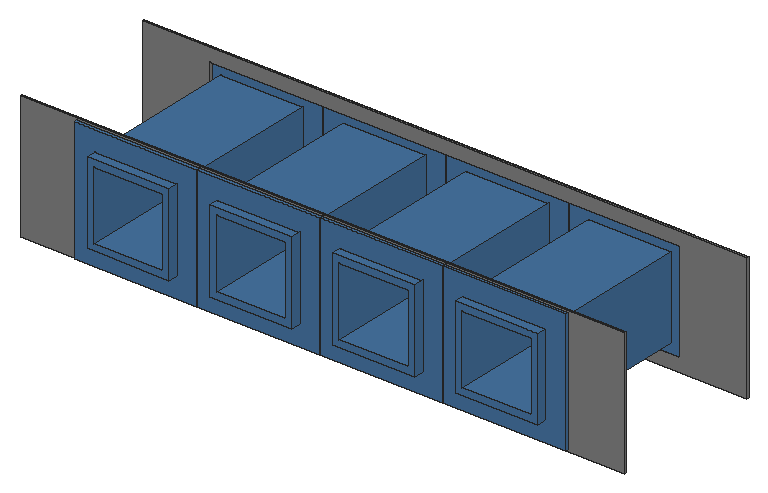
Revit family "Acoustical-EZPath-STI-EZ_Path_Series_33_Smoke_and_Acoustical_for_Walls", category Specialty Equipment, host Wall, Revit 2026
Family settings
  Host = Wall
  Round Connector Dimension = Use Diameter
  Part Type = Normal
  Enable Cutting in Views = No
  Always vertical = Yes
  Cut with Voids When Loaded = No
  Maintain Annotation Orientation = No
  Shared = No
  Room Calculation Point = No
Parameters
  center line 4 and 3 = 7.3125"
  Wall Thickness [instance] = 6.0000"
  Wall Opening Width = 18.6250"
  Wall Opening Height = 4.0000"
  Wall Opening Center Width = 2.0000"
  URL = "https://www.stifirestop.com/"
  Safety Data Sheet = "https://files.stifirestop.com/5.%20Safety%20Data%20Sheet/1.%20English/SDS_EZ-Path%20Smoke%20&%20Acoustical%20Pathway%20(Non-Rated).pdf"
  Retaining Plate = Acoustic-STI-EZPath-EZPath_Smoke_and_Acoustic_Plate
  Region = ""
  Product Page = "https://www.stifirestop.com/products/nez/"
  Product Data Sheet = "https://files.stifirestop.com/4.%20Product%20Data%20Sheets/1.%20English/PDS_EZ-Path%20Smoke%20&%20Acoustical%20Pathway%20(Non-Rated).pdf"
  Plate Width = 24.0000"
  Plate Height = 5.0000"
  Plate Edge Center Width = 12.0000"
  No. of Devices = 4
  Mouting Plate = No. of Devices > 1  # yes
  Model No. (Device) = ""
  Model No. (Complete Kit) = ""
  Model No. (Brackets) = ""
  Model = "EZ-Path Series 33 Smoke & Acoustical Pathway"
  Manufacturer Phone No. = "800.992.1180"
  Manufacturer Address = "210 Evans Way, Somerville, NJ 08876"
  Manufacturer = "Specified Technologies, Inc."
  Installation Instructions = "https://files.stifirestop.com/8.%20Install%20Sheets/1.%20EZ-Path/ZIS1086_EZ-Path%20Smoke%20and%20Acoustical%20Device.pdf"
  Fire Rating = "No Fire Rating"
  EZ-Path Face Plate = 59.8750"
  EZ-Path Device = Acoustic-STI-EZPath-EZPath_Smoke_and_Acoustic_Device_Blue
  EZ-Path Corner = 0.5000"
  EZ-Path Center of Gang = 2.4375"
  Device4 = No. of Devices > 3  # yes
  Device3 = No. of Devices > 2  # yes
  Device2 = No. of Devices > 1  # yes
  Device1 = No. of Devices > 0  # yes
  Default Elevation = 0.0000"
  Contact Technical Service = "TechServ@stifirestop.com"
  Assembly Code = "C3030210"
Reference planes (in)
  plane 1: y = 0
  plane 2 "Center (Left/Right)": x = 0
  plane 3 "Back": y = 3
  plane 4: x = 9.3125
  plane 5: x = -9.3125
  plane 6: z = 75.10297
  plane 7: z = 71.10297
  plane 8: z = 73.10297
  plane 9: x = 12
  plane 10: x = -12
  plane 11: z = 75.60297
  plane 12: z = 70.60297
  plane 13: y = 3.0625
  plane 14: y = -3.0625
  plane 15: x = 4.875
  plane 16: x = -4.875
  plane 17: x = 9.75
  plane 18: x = -9.75
  plane 19: z = 75.54047
  plane 20: z = 70.66547
  plane 21: y = 3.1875
  plane 22: y = -3.1875
  plane 23: x = 7.3125
  plane 24: x = 2.4375
  plane 25: x = -2.4375
  plane 26: x = -7.3125
  plane 27: x = 8.9375
  plane 28: x = 5.6875
  plane 29: x = 4.0625
  plane 30: x = 0.8125
  plane 31: x = -0.8125
  plane 32: x = -4.0625
  plane 33: x = -5.6875
  plane 34: x = -8.9375
  plane 35: z = 74.72797
  plane 36: z = 71.47797
  plane 37: y = 3.5625
  plane 38: y = -3.5625
  plane 39: z = 74.47797
  plane 40: z = 71.72797
  plane 41: x = 8.6875
  plane 42: x = 5.9375
  plane 43: x = 3.8125
  plane 44: x = 1.0625
  plane 45: x = -5.9375
  plane 46: x = -8.6875
  plane 47: x = -1.0625
  plane 48: x = -3.8125
  plane 49: x = 0
  plane 50: x = 4.875
  plane 51: x = -4.875
Forms (in)
  Extrusion 1, solid, material "Acoustic-STI-EZPath-EZPath_Smoke_and_Acoustic_Plate" <- "Retaining Plate", visible <- "Mouting Plate", detail levels fine
    sketch origin (55, 3, 0) x (1, 0, 0) y (0, 0, 1)
      loop
        line (-43, 75.60297) -> (-67, 75.60297) -> (-67, 70.60297) -> (-43, 70.60297) -> (-43, 75.60297)
    from -0.0625 to 0
  Extrusion 2, solid, material "Acoustic-STI-EZPath-EZPath_Smoke_and_Acoustic_Plate" <- "Retaining Plate", visible <- "Mouting Plate", detail levels fine
    sketch origin (55, 3, 0) x (1, 0, 0) y (0, 0, 1)
      loop
        line (-43, 75.60297) -> (-67, 75.60297) -> (-67, 70.60297) -> (-43, 70.60297) -> (-43, 75.60297)
    from 6 to 6.0625
  Extrusion 3, void
    sketch origin (55, 3, 0) x (1, 0, 0) y (0, 0, 1)
      loop
        line (-45.6875, 71.10297) -> (-45.6875, 75.10297) -> (-64.3125, 75.10297) -> (-64.3125, 71.10297) -> (-45.6875, 71.10297)
    from 6 to 6.1875
  Extrusion 4, void
    sketch origin (55, 3, 0) x (1, 0, 0) y (0, 0, 1)
      loop
        line (-45.6875, 71.10297) -> (-45.6875, 75.10297) -> (-64.3125, 75.10297) -> (-64.3125, 71.10297) -> (-45.6875, 71.10297)
    from -0.0625 to 0
  Extrusion 5, solid, material "Acoustic-STI-EZPath-EZPath_Smoke_and_Acoustic_Device_Blue" <- "EZ-Path Device", visible <- "Device2"
    sketch origin (0, 3, 0) x (1, 0, 0) y (0, 0, 1)
      loop
        line (0, 70.66547) -> (0, 75.54047) -> (-4.875, 75.54047) -> (-4.875, 70.66547) -> (0, 70.66547)
    from 6.0625 to 6.1875
  Extrusion 6, void
    sketch origin (0, 3, 0) x (1, 0, 0) y (0, 0, 1)
      loop
        line (-0.8125, 71.47797) -> (-0.8125, 74.72797) -> (-4.0625, 74.72797) -> (-4.0625, 71.47797) -> (-0.8125, 71.47797)
    from 6.0625 to 6.1875
  Extrusion 7, solid, material "Acoustic-STI-EZPath-EZPath_Smoke_and_Acoustic_Device_Blue" <- "EZ-Path Device", visible <- "Device2"
    sketch origin (0, 3, 0) x (1, 0, 0) y (0, 0, 1)
      loop
        line (0, 70.66547) -> (0, 75.54047) -> (-4.875, 75.54047) -> (-4.875, 70.66547) -> (0, 70.66547)
    from -0.1875 to -0.0625
  Extrusion 8, void
    sketch origin (0, 3, 0) x (1, 0, 0) y (0, 0, 1)
      loop
        line (-0.8125, 71.47797) -> (-0.8125, 74.72797) -> (-4.0625, 74.72797) -> (-4.0625, 71.47797) -> (-0.8125, 71.47797)
    from -0.1875 to -0.0625
  Extrusion 9, solid, material "Acoustic-STI-EZPath-EZPath_Smoke_and_Acoustic_Device_Blue" <- "EZ-Path Device", visible <- "Device2"
    sketch origin (0, 3, 0) x (1, 0, 0) y (0, 0, 1)
      loop
        line (-0.8125, 71.47797) -> (-0.8125, 74.72797) -> (-4.0625, 74.72797) -> (-4.0625, 71.47797) -> (-0.8125, 71.47797)
    from -0.5625 to 6.5625
  Extrusion 10, void
    sketch origin (0, 3, 0) x (1, 0, 0) y (0, 0, 1)
      loop
        line (-1.0625, 71.72797) -> (-1.0625, 74.47797) -> (-3.8125, 74.47797) -> (-3.8125, 71.72797) -> (-1.0625, 71.72797)
    from -0.5625 to 6.5625
  Extrusion 11, solid, material "Acoustic-STI-EZPath-EZPath_Smoke_and_Acoustic_Device_Blue" <- "EZ-Path Device", visible <- "Device1"
    sketch origin (0, 3, 0) x (1, 0, 0) y (0, 0, 1)
      loop
        line (4.875, 70.66547) -> (4.875, 75.54047) -> (0, 75.54047) -> (0, 70.66547) -> (4.875, 70.66547)
    from 6.0625 to 6.1875
  Extrusion 12, void
    sketch origin (0, 3, 0) x (1, 0, 0) y (0, 0, 1)
      loop
        line (4.0625, 71.47797) -> (4.0625, 74.72797) -> (0.8125, 74.72797) -> (0.8125, 71.47797) -> (4.0625, 71.47797)
    from 6.0625 to 6.1875
  Extrusion 13, solid, material "Acoustic-STI-EZPath-EZPath_Smoke_and_Acoustic_Device_Blue" <- "EZ-Path Device", visible <- "Device1"
    sketch origin (0, 3, 0) x (1, 0, 0) y (0, 0, 1)
      loop
        line (4.875, 70.66547) -> (4.875, 75.54047) -> (0, 75.54047) -> (0, 70.66547) -> (4.875, 70.66547)
    from -0.1875 to -0.0625
  Extrusion 14, void
    sketch origin (0, 3, 0) x (1, 0, 0) y (0, 0, 1)
      loop
        line (4.0625, 71.47797) -> (4.0625, 74.72797) -> (0.8125, 74.72797) -> (0.8125, 71.47797) -> (4.0625, 71.47797)
    from -0.1875 to -0.0625
  Extrusion 15, solid, material "Acoustic-STI-EZPath-EZPath_Smoke_and_Acoustic_Device_Blue" <- "EZ-Path Device", visible <- "Device1"
    sketch origin (0, 3, 0) x (1, 0, 0) y (0, 0, 1)
      loop
        line (4.0625, 71.47797) -> (4.0625, 74.72797) -> (0.8125, 74.72797) -> (0.8125, 71.47797) -> (4.0625, 71.47797)
    from -0.5625 to 6.5625
  Extrusion 16, void
    sketch origin (0, 3, 0) x (1, 0, 0) y (0, 0, 1)
      loop
        line (3.8125, 71.72797) -> (3.8125, 74.47797) -> (1.0625, 74.47797) -> (1.0625, 71.72797) -> (3.8125, 71.72797)
    from -0.5625 to 6.5625
  Extrusion 17, solid, material "Acoustic-STI-EZPath-EZPath_Smoke_and_Acoustic_Device_Blue" <- "EZ-Path Device", visible <- "Device4"
    sketch origin (0, 3, 0) x (1, 0, 0) y (0, 0, 1)
      loop
        line (-4.875, 70.66547) -> (-4.875, 75.54047) -> (-9.75, 75.54047) -> (-9.75, 70.66547) -> (-4.875, 70.66547)
    from 6.0625 to 6.1875
  Extrusion 18, void
    sketch origin (0, 3, 0) x (1, 0, 0) y (0, 0, 1)
      loop
        line (-5.6875, 71.47797) -> (-5.6875, 74.72797) -> (-8.9375, 74.72797) -> (-8.9375, 71.47797) -> (-5.6875, 71.47797)
    from 6.0625 to 6.1875
  Extrusion 19, solid, material "Acoustic-STI-EZPath-EZPath_Smoke_and_Acoustic_Device_Blue" <- "EZ-Path Device", visible <- "Device3"
    sketch origin (0, 3, 0) x (1, 0, 0) y (0, 0, 1)
      loop
        line (9.75, 70.66547) -> (9.75, 75.54047) -> (4.875, 75.54047) -> (4.875, 70.66547) -> (9.75, 70.66547)
    from -0.1875 to -0.0625
  Extrusion 20, void
    sketch origin (0, 3, 0) x (1, 0, 0) y (0, 0, 1)
      loop
        line (8.9375, 71.47797) -> (8.9375, 74.72797) -> (5.6875, 74.72797) -> (5.6875, 71.47797) -> (8.9375, 71.47797)
    from -0.1875 to -0.0625
  Extrusion 21, solid, material "Acoustic-STI-EZPath-EZPath_Smoke_and_Acoustic_Device_Blue" <- "EZ-Path Device", visible <- "Device3"
    sketch origin (0, 3, 0) x (1, 0, 0) y (0, 0, 1)
      loop
        line (9.75, 75.54047) -> (4.875, 75.54047) -> (4.875, 70.66547) -> (9.75, 70.66547) -> (9.75, 75.54047)
    from 6.0625 to 6.1875
  Extrusion 22, void
    sketch origin (0, 3, 0) x (1, 0, 0) y (0, 0, 1)
      loop
        line (8.9375, 74.72797) -> (5.6875, 74.72797) -> (5.6875, 71.47797) -> (8.9375, 71.47797) -> (8.9375, 74.72797)
    from 6.0625 to 6.1875
  Extrusion 23, solid, material "Acoustic-STI-EZPath-EZPath_Smoke_and_Acoustic_Device_Blue" <- "EZ-Path Device", visible <- "Device3"
    sketch origin (0, 3, 0) x (1, 0, 0) y (0, 0, 1)
      loop
        line (8.9375, 74.72797) -> (5.6875, 74.72797) -> (5.6875, 71.47797) -> (8.9375, 71.47797) -> (8.9375, 74.72797)
    from -0.5625 to 6.5625
  Extrusion 24, void
    sketch origin (0, 3, 0) x (1, 0, 0) y (0, 0, 1)
      loop
        line (8.6875, 74.47797) -> (5.9375, 74.47797) -> (5.9375, 71.72797) -> (8.6875, 71.72797) -> (8.6875, 74.47797)
    from -0.5625 to 6.5625
  Extrusion 25, solid, material "Acoustic-STI-EZPath-EZPath_Smoke_and_Acoustic_Device_Blue" <- "EZ-Path Device", visible <- "Device4"
    sketch origin (0, 3, 0) x (1, 0, 0) y (0, 0, 1)
      loop
        line (-4.875, 75.54047) -> (-9.75, 75.54047) -> (-9.75, 70.66547) -> (-4.875, 70.66547) -> (-4.875, 75.54047)
    from -0.1875 to -0.0625
  Extrusion 26, void
    sketch origin (0, 3, 0) x (1, 0, 0) y (0, 0, 1)
      loop
        line (-5.6875, 74.72797) -> (-8.9375, 74.72797) -> (-8.9375, 71.47797) -> (-5.6875, 71.47797) -> (-5.6875, 74.72797)
    from -0.1875 to -0.0625
  Extrusion 27, solid, material "Acoustic-STI-EZPath-EZPath_Smoke_and_Acoustic_Device_Blue" <- "EZ-Path Device", visible <- "Device4"
    sketch origin (0, 3, 0) x (1, 0, 0) y (0, 0, 1)
      loop
        line (-8.9375, 74.72797) -> (-8.9375, 71.47797) -> (-5.6875, 71.47797) -> (-5.6875, 74.72797) -> (-8.9375, 74.72797)
    from -0.5625 to 6.5625
  Extrusion 28, void
    sketch origin (0, 3, 0) x (1, 0, 0) y (0, 0, 1)
      loop
        line (-8.6875, 74.47797) -> (-8.6875, 71.72797) -> (-5.9375, 71.72797) -> (-5.9375, 74.47797) -> (-8.6875, 74.47797)
    from -0.5625 to 6.5625
Cuts and joins
  Extrusion 3, Extrusion 4 cuts Extrusion 1
  Extrusion 3, Extrusion 4 cuts Extrusion 2
  Extrusion 6, Extrusion 8, Extrusion 10 cuts Extrusion 5
  Extrusion 8 cuts Extrusion 7
  Extrusion 10 cuts Extrusion 9
  Extrusion 12, Extrusion 14, Extrusion 16 cuts Extrusion 11
  Extrusion 14 cuts Extrusion 13
  Extrusion 16 cuts Extrusion 15
  Extrusion 18, Extrusion 26, Extrusion 28 cuts Extrusion 17
  Extrusion 20 cuts Extrusion 19
  Extrusion 22, Extrusion 24 cuts Extrusion 21
  Extrusion 24 cuts Extrusion 23
  Extrusion 26 cuts Extrusion 25
  Extrusion 28 cuts Extrusion 27
Lines and regions (in)
  Opening 1
    outline origin (-5, -3, 0) x (1, 0, 0) y (0, 0, 1)
      loop
        line (14.3125, 75.10297) -> (-4.3125, 75.10297) -> (-4.3125, 71.10297) -> (14.3125, 71.10297) -> (14.3125, 75.10297)
Text (in)
  text "Placement Side" at (0, 40.15149, 123.01588), in view "Right"
  text "Placement Side" at (-58.6842, 42.74981, 0), in view "Ref. Level"
  text "Placement Side" at (0, 47.49176, 140.59947), in view "Left"
Dimensions and locks (in)
  locked: plane 3 "Back" to host wall
  "Wall Opening Height": plane 7 to plane 6
  equal spacing: plane 7, plane 8, plane 6
  "Wall Opening Width": plane 5 to plane 4
  "Plate Height": plane 12 to plane 11
  equal spacing: plane 12, plane 8, plane 11
  "Plate Width": plane 10 to plane 9
  locked: plane 13 to host wall at 0.0625
  locked: host wall to plane 14 at 0.0625
  plane 20 to plane 19 = 4.8750"
  equal spacing: plane 20, plane 8, plane 19
  locked: plane 21 to plane 13 at 0.125
  locked: plane 14 to plane 22 at 0.125
  plane 28 to plane 27 = 3.2500"
  equal spacing: plane 28, plane 23, plane 27
  plane 30 to plane 29 = 3.2500"
  equal spacing: plane 30, plane 24, plane 29
  plane 32 to plane 31 = 3.2500"
  plane 34 to plane 33 = 3.2500"
  equal spacing: plane 32, plane 25, plane 31
  equal spacing: plane 34, plane 26, plane 33
  equal spacing: plane 36, plane 8, plane 35
  locked: plane 36 to plane 35 at 3.25
  locked: plane 37 to plane 21 at 0.375
  locked: plane 22 to plane 38 at 0.375
  locked: plane 36 to plane 40 at 0.25
  "Wall Thickness": host wall to host wall
  equal spacing: plane 5, plane 2 "Center (Left/Right)", plane 4
  equal spacing: plane 10, plane 2 "Center (Left/Right)", plane 9
  "EZ-Path Center of Gang": plane 24 to plane 2 "Center (Left/Right)"
  equal spacing: plane 42, plane 23, plane 41
  plane 42 to plane 41 = 2.7500"
  equal spacing: plane 44, plane 24, plane 43
  plane 44 to plane 43 = 2.7500"
  equal spacing: plane 48, plane 25, plane 47
  plane 48 to plane 47 = 2.7500"
  equal spacing: plane 46, plane 26, plane 45
  plane 46 to plane 45 = 2.7500"
  equal spacing: plane 40, plane 8, plane 39
  plane 40 to plane 39 = 2.7500"
  equal spacing: plane 49, plane 25, plane 16
  plane 49 to plane 16 = 4.8750"
  equal spacing: plane 15, plane 24, plane 49
  plane 30 to plane 15 = 4.0625"
  equal spacing: plane 50, plane 23, plane 17
  plane 50 to plane 17 = 4.8750"
  equal spacing: plane 18, plane 26, plane 51
  plane 18 to plane 51 = 4.8750"
  "center line 4 and 3": plane 49 to plane 23
  "center line 4 and 3": plane 49 to plane 26
  aligned and locked: plane 6 to Opening 1 sketch curve
  aligned and locked: Opening 1 sketch curve to plane 4
  aligned and locked: plane 7 to Opening 1 sketch curve
  aligned and locked: Opening 1 sketch curve to plane 5
  aligned and locked: plane 11 to Extrusion 1 sketch curve
  aligned and locked: Extrusion 1 sketch curve to plane 9
  aligned and locked: plane 12 to Extrusion 1 sketch curve
  aligned and locked: Extrusion 1 sketch curve to plane 10
  aligned and locked: Extrusion 1 to plane 13
  aligned and locked: Extrusion 1 to host wall
  aligned and locked: Extrusion 2 sketch curve to Extrusion 1  (x4)
  aligned and locked: Extrusion 2 to host wall
  aligned and locked: plane 14 to Extrusion 2
  aligned and locked: Extrusion 3 sketch curve to plane 7
  aligned and locked: Extrusion 3 sketch curve to plane 6
  aligned and locked: Extrusion 3 to host wall  (x3)
  aligned and locked: Extrusion 3 to plane 22
  aligned and locked: Extrusion 4 sketch curve to host wall  (x3)
  aligned and locked: Extrusion 4 to host wall
  aligned and locked: Extrusion 4 to plane 13
  aligned and locked: Extrusion 5 sketch curve to plane 20
  aligned and locked: Extrusion 5 sketch curve to plane 49
  aligned and locked: Extrusion 6 to plane 14
  aligned and locked: Extrusion 6 to plane 22
  aligned and locked: Extrusion 5 to plane 22
  aligned and locked: Extrusion 5 to plane 14
  aligned and locked: Extrusion 7 sketch curve to cut or joined group of Extrusion 5, Extrusion 6, Extrusion 8, Extrusion 10
  aligned and locked: Extrusion 7 sketch curve to plane 49
  aligned and locked: plane 13 to Extrusion 7
  aligned and locked: plane 13 to Extrusion 8
  aligned and locked: Extrusion 7 to plane 21
  aligned and locked: Extrusion 8 to plane 21
  aligned and locked: Extrusion 9 sketch curve to cut or joined group of Extrusion 5, Extrusion 6, Extrusion 8, Extrusion 10  (x4)
  aligned and locked: Extrusion 10 sketch curve to plane 40
  aligned and locked: plane 47 to Extrusion 10 sketch curve
  aligned and locked: Extrusion 10 sketch curve to plane 39
  aligned and locked: plane 48 to Extrusion 10 sketch curve
  aligned and locked: Extrusion 10 to plane 38
  aligned and locked: Extrusion 10 to plane 37
  aligned and locked: Extrusion 9 to plane 37
  aligned and locked: Extrusion 9 to plane 38
  aligned and locked: Extrusion 11 sketch curve to plane 19
  aligned and locked: Extrusion 11 sketch curve to cut or joined group of Extrusion 5, Extrusion 6, Extrusion 8, Extrusion 10
  aligned and locked: plane 36 to Extrusion 12 sketch curve
  aligned and locked: plane 29 to Extrusion 12 sketch curve
  aligned and locked: plane 35 to Extrusion 12 sketch curve
  aligned and locked: plane 30 to Extrusion 12 sketch curve
  aligned and locked: Extrusion 12 to plane 14
  aligned and locked: Extrusion 12 to plane 22
  aligned and locked: Extrusion 11 to plane 22
  aligned and locked: Extrusion 11 to plane 14
  aligned and locked: cut or joined group of Extrusion 5, Extrusion 6, Extrusion 8, Extrusion 10 to Extrusion 13 sketch curve
  aligned and locked: Extrusion 13 sketch curve to cut or joined group of Extrusion 5, Extrusion 6, Extrusion 8, Extrusion 10
  aligned and locked: Extrusion 14 sketch curve to cut or joined group of Extrusion 11, Extrusion 12, Extrusion 14, Extrusion 16  (x4)
  aligned and locked: Extrusion 14 to plane 21
  aligned and locked: plane 13 to Extrusion 14
  aligned and locked: plane 13 to Extrusion 13
  aligned and locked: Extrusion 13 to plane 21
  aligned and locked: Extrusion 15 sketch curve to cut or joined group of Extrusion 11, Extrusion 12, Extrusion 14, Extrusion 16  (x4)
  aligned and locked: Extrusion 16 sketch curve to plane 40
  aligned and locked: plane 43 to Extrusion 16 sketch curve
  aligned and locked: Extrusion 16 sketch curve to plane 39
  aligned and locked: plane 44 to Extrusion 16 sketch curve
  aligned and locked: Extrusion 16 to plane 38
  aligned and locked: Extrusion 16 to plane 37
  aligned and locked: Extrusion 15 to plane 38
  aligned and locked: Extrusion 15 to plane 37
  aligned and locked: Extrusion 17 sketch curve to plane 20
  aligned and locked: plane 51 to Extrusion 17 sketch curve
  aligned and locked: Extrusion 17 sketch curve to plane 19
  aligned and locked: plane 18 to Extrusion 17 sketch curve
  aligned and locked: Extrusion 17 to plane 22
  aligned and locked: Extrusion 17 to plane 14
  aligned and locked: plane 36 to Extrusion 18 sketch curve
  aligned and locked: plane 33 to Extrusion 18 sketch curve
  aligned and locked: plane 35 to Extrusion 18 sketch curve
  aligned and locked: plane 34 to Extrusion 18 sketch curve
  aligned and locked: Extrusion 18 to plane 22
  aligned and locked: Extrusion 18 to plane 14
  aligned and locked: Extrusion 19 sketch curve to plane 20
  aligned and locked: plane 17 to Extrusion 19 sketch curve
  aligned and locked: Extrusion 19 sketch curve to plane 19
  aligned and locked: plane 50 to Extrusion 19 sketch curve
  aligned and locked: plane 36 to Extrusion 20 sketch curve
  aligned and locked: plane 27 to Extrusion 20 sketch curve
  aligned and locked: plane 35 to Extrusion 20 sketch curve
  aligned and locked: plane 28 to Extrusion 20 sketch curve
  aligned and locked: Extrusion 19 to plane 21
  aligned and locked: Extrusion 20 to plane 21
  aligned and locked: plane 13 to Extrusion 19
  aligned and locked: Extrusion 21 sketch curve to cut or joined group of Extrusion 19, Extrusion 20  (x4)
  aligned and locked: Extrusion 22 sketch curve to cut or joined group of Extrusion 19, Extrusion 20  (x4)
  aligned and locked: Extrusion 22 to plane 22
  aligned and locked: Extrusion 21 to plane 22
  aligned and locked: Extrusion 21 to plane 14
  aligned and locked: Extrusion 22 to plane 14
  aligned and locked: Extrusion 23 sketch curve to cut or joined group of Extrusion 19, Extrusion 20  (x4)
  aligned and locked: plane 39 to Extrusion 24 sketch curve
  aligned and locked: Extrusion 24 sketch curve to plane 41
  aligned and locked: plane 40 to Extrusion 24 sketch curve
  aligned and locked: Extrusion 24 sketch curve to plane 42
  aligned and locked: Extrusion 24 to plane 38
  aligned and locked: Extrusion 24 to plane 37
  aligned and locked: Extrusion 23 to plane 37
  aligned and locked: Extrusion 23 to plane 38
  aligned and locked: Extrusion 25 sketch curve to cut or joined group of Extrusion 17, Extrusion 18, Extrusion 26, Extrusion 28  (x4)
  aligned and locked: Extrusion 26 sketch curve to cut or joined group of Extrusion 17, Extrusion 18, Extrusion 26, Extrusion 28  (x4)
  aligned and locked: Extrusion 26 to plane 21
  aligned and locked: Extrusion 25 to plane 21
  aligned and locked: plane 13 to Extrusion 26
  aligned and locked: plane 13 to Extrusion 25
  aligned and locked: Extrusion 27 sketch curve to cut or joined group of Extrusion 17, Extrusion 18, Extrusion 26, Extrusion 28  (x4)
  aligned and locked: Extrusion 28 sketch curve to plane 39
  aligned and locked: plane 46 to Extrusion 28 sketch curve
  aligned and locked: Extrusion 28 sketch curve to plane 40
  aligned and locked: plane 45 to Extrusion 28 sketch curve
  aligned and locked: Extrusion 28 to plane 38
  aligned and locked: Extrusion 27 to plane 38
  aligned and locked: Extrusion 27 to plane 37
  aligned and locked: Extrusion 28 to plane 37
Automatic sketch dimensions
  Extrusion 3 sketch curve to plane 5 = 0.0000"
  plane 4 to Extrusion 3 sketch curve = 0.0000"
  plane 4 to Extrusion 4 sketch curve = 0.0000"
  Extrusion 5 sketch curve to plane 16 = 0.0000"
  Extrusion 5 sketch curve to plane 19 = 0.0000"
  Extrusion 6 sketch curve to plane 32 = 0.0000"
  plane 31 to Extrusion 6 sketch curve = 0.0000"
  Extrusion 6 sketch curve to plane 36 = 0.0000"
  Extrusion 6 sketch curve to plane 35 = 0.0000"
  Extrusion 7 sketch curve to plane 16 = 0.0000"
  Extrusion 7 sketch curve to plane 19 = 0.0000"
  Extrusion 8 sketch curve to plane 32 = 0.0000"
  plane 31 to Extrusion 8 sketch curve = 0.0000"
  Extrusion 8 sketch curve to plane 36 = 0.0000"
  Extrusion 8 sketch curve to plane 35 = 0.0000"
  plane 15 to Extrusion 11 sketch curve = 0.0000"
  Extrusion 11 sketch curve to plane 20 = 0.0000"
  plane 15 to Extrusion 13 sketch curve = 0.0000"
  Extrusion 13 sketch curve to plane 20 = 0.0000"
